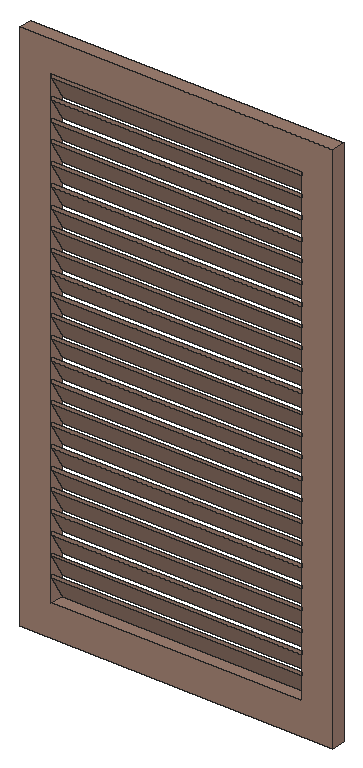
Revit family "Folha_Veneziana_Editar", category Janelas, Revit 2015
Parameters
  Largura das persianas = Largura - 2 * (Largura do caixilho)  # 56 cm
  Largura da veneziana [instance] = 56 cm
  Largura = 70 cm
  Construção analítica = "<Nenhum>"
  Type Comments = ""
  Rough Width = 0 cm
  Caixilho = Janela - Caixilho
  Rough Height = 0 cm
  Espessura da veneziana = 3 cm
  Largura do caixilho = 7 cm
  Número de Venezianas = 24
  Fabricante = "Marco Rocha"
  Veneziana = Janela - Caixilho
  Altura = 120 cm
  Assembly Code = ""
Reference planes (cm)
  plane 1 "Center (Front/Back)": y = 0
  plane 2: z = 0
  plane 3 "Center (Left/Right)": x = 0.5
  plane 4: y = 1.5
  plane 5: y = -1.5
  plane 6: y = 0
  plane 7: z = -60
  plane 8: z = 60
  plane 9: z = 53
  plane 10: z = -53
  plane 11: x = 28.5
  plane 12: x = -27.5
  plane 13: x = -34.5
  plane 14: x = 35.5
Forms (cm)
  Extrusion 1, solid, material "Janela - Caixilho" <- "Caixilho"
    sketch origin (0, 0, -140) x (1, 0, 0) y (0, 0, 1)
      loop
        line (-34.5, 200) -> (-34.5, 80) -> (35.5, 80) -> (35.5, 200) -> (-34.5, 200)
      loop
        line (-27.5, 193) -> (-27.5, 87) -> (28.5, 87) -> (28.5, 193) -> (-27.5, 193)
    from -1.5 to 1.5
Lines and regions (cm)
  Masking region 1, detail levels medium+fine
    outline origin (0, 0, 0) x (1, 0, 0) y (0, 1, 0)
      loop
        line (-34.5, 1.5) -> (-34.5, -1.5) -> (-27.5, -1.5) -> (-27.5, 1.5) -> (-34.5, 1.5)
  Masking region 2, detail levels medium+fine
    outline origin (1, 0, 0) x (0, 1, 0) y (-1, 0, 0)
      loop
        line (1.5, -34.5) -> (1.5, -27.5) -> (-1.5, -27.5) -> (-1.5, -34.5) -> (1.5, -34.5)
  Masking region 3, detail levels coarse
    outline origin (0, 0, 0) x (1, 0, 0) y (0, 1, 0)
      loop
        line (-34.5, 1.5) -> (-34.5, -1.5) -> (35.5, -1.5) -> (35.5, 1.5) -> (-34.5, 1.5)
  Masking region 4, detail levels coarse
    outline origin (0.5, 0, 0) x (0, 1, 0) y (0, 0, 1)
      loop
        line (1.5, 60) -> (-1.5, 60) -> (-1.5, -60) -> (1.5, -60) -> (1.5, 60)
  symbolic lines, style "Windows", detail levels medium+fine
    curve 1: line (-27.5, 1.5, 0) -> (28.5, 1.5, 0)
    curve 2: line (-27.5, -1.5, 0) -> (28.5, -1.5, 0)
  symbolic lines, style "WindowsFrameMullionProjection"
    curve 3: line (0.5, 1.5, 53) -> (0.5, -1.5, 53)
    curve 4: line (0.5, 1.5, -53) -> (0.5, -1.5, -53)
  symbolic lines, style "WindowsFrameMullionProjection", detail levels medium+fine
    curve 5: line (0.5, -1.5, 53) -> (0.5, 1.5, 48)
    curve 6: line (0.5, -1.5, -47.2225) -> (0.5, 1.5, -52.2225)
    curve 7: line (0.5, -1.5, 48.6425) -> (0.5, 1.5, 43.6425)
    curve 8: line (0.5, -1.5, 44.285) -> (0.5, 1.5, 39.285)
    curve 9: line (0.5, -1.5, 39.9275) -> (0.5, 1.5, 34.9275)
    curve 10: line (0.5, -1.5, 35.57) -> (0.5, 1.5, 30.57)
    curve 11: line (0.5, -1.5, 31.2125) -> (0.5, 1.5, 26.2125)
    curve 12: line (0.5, -1.5, 26.855) -> (0.5, 1.5, 21.855)
    curve 13: line (0.5, -1.5, 22.4975) -> (0.5, 1.5, 17.4975)
    curve 14: line (0.5, -1.5, 18.14) -> (0.5, 1.5, 13.14)
    curve 15: line (0.5, -1.5, 13.7825) -> (0.5, 1.5, 8.7825)
    curve 16: line (0.5, -1.5, 9.425) -> (0.5, 1.5, 4.425)
    curve 17: line (0.5, -1.5, 5.0675) -> (0.5, 1.5, 0.0675)
    curve 18: line (0.5, -1.5, 0.71) -> (0.5, 1.5, -4.29)
    curve 19: line (0.5, -1.5, -3.6475) -> (0.5, 1.5, -8.6475)
    curve 20: line (0.5, -1.5, -8.005) -> (0.5, 1.5, -13.005)
    curve 21: line (0.5, -1.5, -12.3625) -> (0.5, 1.5, -17.3625)
    curve 22: line (0.5, -1.5, -16.72) -> (0.5, 1.5, -21.72)
    curve 23: line (0.5, -1.5, -21.0775) -> (0.5, 1.5, -26.0775)
    curve 24: line (0.5, -1.5, -25.435) -> (0.5, 1.5, -30.435)
    curve 25: line (0.5, -1.5, -29.7925) -> (0.5, 1.5, -34.7925)
    curve 26: line (0.5, -1.5, -34.15) -> (0.5, 1.5, -39.15)
    curve 27: line (0.5, -1.5, -38.5075) -> (0.5, 1.5, -43.5075)
    curve 28: line (0.5, -1.5, -42.865) -> (0.5, 1.5, -47.865)
    curve 29: line (0.5, -1.5, 52.2225) -> (0.5, 1.5, 47.2225)
    curve 30: line (0.5, -1.5, -48) -> (0.5, 1.5, -53)
    curve 31: line (0.5, -1.5, 47.865) -> (0.5, 1.5, 42.865)
    curve 32: line (0.5, -1.5, 43.5075) -> (0.5, 1.5, 38.5075)
    curve 33: line (0.5, -1.5, 39.15) -> (0.5, 1.5, 34.15)
    curve 34: line (0.5, -1.5, 34.7925) -> (0.5, 1.5, 29.7925)
    curve 35: line (0.5, -1.5, 30.435) -> (0.5, 1.5, 25.435)
    curve 36: line (0.5, -1.5, 26.0775) -> (0.5, 1.5, 21.0775)
    curve 37: line (0.5, -1.5, 21.72) -> (0.5, 1.5, 16.72)
    curve 38: line (0.5, -1.5, 17.3625) -> (0.5, 1.5, 12.3625)
    curve 39: line (0.5, -1.5, 13.005) -> (0.5, 1.5, 8.005)
    curve 40: line (0.5, -1.5, 8.6475) -> (0.5, 1.5, 3.6475)
    curve 41: line (0.5, -1.5, 4.29) -> (0.5, 1.5, -0.71)
    curve 42: line (0.5, -1.5, -0.0675) -> (0.5, 1.5, -5.0675)
    curve 43: line (0.5, -1.5, -4.425) -> (0.5, 1.5, -9.425)
    curve 44: line (0.5, -1.5, -8.7825) -> (0.5, 1.5, -13.7825)
    curve 45: line (0.5, -1.5, -13.14) -> (0.5, 1.5, -18.14)
    curve 46: line (0.5, -1.5, -17.4975) -> (0.5, 1.5, -22.4975)
    curve 47: line (0.5, -1.5, -21.855) -> (0.5, 1.5, -26.855)
    curve 48: line (0.5, -1.5, -26.2125) -> (0.5, 1.5, -31.2125)
    curve 49: line (0.5, -1.5, -30.57) -> (0.5, 1.5, -35.57)
    curve 50: line (0.5, -1.5, -34.9275) -> (0.5, 1.5, -39.9275)
    curve 51: line (0.5, -1.5, -39.285) -> (0.5, 1.5, -44.285)
    curve 52: line (0.5, -1.5, -43.6425) -> (0.5, 1.5, -48.6425)
Dimensions and locks (cm)
  equal spacing: plane 4, plane 6, plane 5
  "Espessura da veneziana": plane 4 to plane 5
  "Largura do caixilho": plane 8 to plane 9
  "Largura do caixilho": plane 10 to plane 7
  "Altura": plane 8 to plane 7
  equal spacing: plane 11, plane 3 "Center (Left/Right)", plane 12
  "Largura do caixilho": plane 12 to plane 13
  "Largura do caixilho": plane 11 to plane 14
  "Largura": plane 14 to plane 13
  equal spacing: plane 9, plane 2, plane 10
  "Largura da veneziana": plane 12 to plane 11
  equal spacing: group 1, group 3, group 4, group 5, group 6, group 7, group 8, group 9, group 10, group 11, group 12, group 13, group 14, group 15, group 16, group 17, group 18, group 19, group 20, group 21, group 22, group 23, group 24, group 2  (x2)
  equal spacing: group 2, group 24, group 23, group 22, group 21, group 20, group 19, group 18, group 17, group 16, group 15, group 14, group 13, group 12, group 11, group 10, group 9, group 8, group 7, group 6, group 5, group 4, group 3, group 1
  aligned and locked: plane 13 to Extrusion 1 sketch curve
  aligned and locked: plane 12 to Extrusion 1 sketch curve
  aligned and locked: plane 7 to Extrusion 1 sketch curve
  aligned and locked: plane 10 to Extrusion 1 sketch curve
  aligned and locked: Extrusion 1 sketch curve to plane 14
  aligned and locked: plane 11 to Extrusion 1 sketch curve
  aligned and locked: Extrusion 1 sketch curve to plane 8
  aligned and locked: Extrusion 1 sketch curve to plane 9
  aligned and locked: plane 10 to Extrusion 1
  aligned and locked: plane 9 to nested 1
  aligned and locked: plane 4 to Extrusion 1
  aligned and locked: Extrusion 1 to plane 5
  aligned and locked: nested 1 to plane 6
  aligned and locked: plane 6 to plane 1 "Center (Front/Back)"
  aligned and locked: nested 1 to plane 3 "Center (Left/Right)"
  aligned and locked: plane 10 to nested 2
  aligned and locked: Masking region 1 sketch curve to plane 4
  aligned and locked: plane 13 to Masking region 1 sketch curve
  aligned and locked: plane 5 to Masking region 1 sketch curve
  aligned and locked: Masking region 1 sketch curve to plane 12
  aligned and locked: plane 11 to Masking region 2 sketch curve
  aligned and locked: plane 4 to Masking region 2 sketch curve
  aligned and locked: plane 14 to Masking region 2 sketch curve
  aligned and locked: Masking region 2 sketch curve to plane 5
  aligned and locked: plane 12 to curve 1
  aligned and locked: plane 11 to curve 1
  aligned and locked: curve 1 to plane 4
  aligned and locked: plane 12 to curve 2
  aligned and locked: plane 11 to curve 2
  aligned and locked: curve 2 to plane 5
  aligned and locked: Masking region 3 sketch curve to plane 4
  aligned and locked: plane 13 to Masking region 3 sketch curve
  aligned and locked: plane 5 to Masking region 3 sketch curve
  aligned and locked: Masking region 3 sketch curve to plane 14
  aligned and locked: Masking region 4 sketch curve to plane 4
  aligned and locked: Masking region 4 sketch curve to plane 8
  aligned and locked: plane 7 to Masking region 4 sketch curve
  aligned and locked: plane 4 to curve 3
  aligned and locked: plane 5 to curve 3
  aligned and locked: curve 3 to plane 9
  aligned and locked: curve 4 to plane 10
Automatic sketch dimensions
  Masking region 4 sketch curve to plane 5 = 0 cm
  curve 4 to plane 5 = 0 cm
  curve 4 to plane 4 = 0 cm
  curve 5 to curve 29 = 0 cm  (x2)
  curve 29 to curve 29 = 3 cm
  curve 29 to curve 5 = 0.7775 cm  (x2)
  curve 5 to curve 29 = 4.2225 cm
  curve 6 to curve 30 = 0 cm  (x2)
  curve 30 to curve 30 = 3 cm
  curve 30 to curve 6 = 0.7775 cm  (x2)
  curve 6 to curve 30 = 4.2225 cm
  curve 7 to curve 31 = 0 cm  (x2)
  curve 31 to curve 31 = 3 cm
  curve 31 to curve 7 = 0.7775 cm  (x2)
  curve 7 to curve 31 = 4.2225 cm
  curve 8 to curve 32 = 0 cm  (x2)
  curve 32 to curve 32 = 3 cm
  curve 32 to curve 8 = 0.7775 cm  (x2)
  curve 8 to curve 32 = 4.2225 cm
  curve 9 to curve 33 = 0 cm  (x2)
  curve 33 to curve 33 = 3 cm
  curve 33 to curve 9 = 0.7775 cm  (x2)
  curve 9 to curve 33 = 4.2225 cm
  curve 10 to curve 34 = 0 cm  (x2)
  curve 34 to curve 34 = 3 cm
  curve 34 to curve 10 = 0.7775 cm  (x2)
  curve 10 to curve 34 = 4.2225 cm
  curve 11 to curve 35 = 0 cm  (x2)
  curve 35 to curve 35 = 3 cm
  curve 35 to curve 11 = 0.7775 cm  (x2)
  curve 11 to curve 35 = 4.2225 cm
  curve 12 to curve 36 = 0 cm  (x2)
  curve 36 to curve 36 = 3 cm
  curve 36 to curve 12 = 0.7775 cm  (x2)
  curve 12 to curve 36 = 4.2225 cm
  curve 13 to curve 37 = 0 cm  (x2)
  curve 37 to curve 37 = 3 cm
  curve 37 to curve 13 = 0.7775 cm  (x2)
  curve 13 to curve 37 = 4.2225 cm
  curve 14 to curve 38 = 0 cm  (x2)
  curve 38 to curve 38 = 3 cm
  curve 38 to curve 14 = 0.7775 cm  (x2)
  curve 14 to curve 38 = 4.2225 cm
  curve 15 to curve 39 = 0 cm  (x2)
  curve 39 to curve 39 = 3 cm
  curve 39 to curve 15 = 0.7775 cm  (x2)
  curve 15 to curve 39 = 4.2225 cm
  curve 16 to curve 40 = 0 cm  (x2)
  curve 40 to curve 40 = 3 cm
  curve 40 to curve 16 = 0.7775 cm  (x2)
  curve 16 to curve 40 = 4.2225 cm
  curve 17 to curve 41 = 0 cm  (x2)
  curve 41 to curve 41 = 3 cm
  curve 41 to curve 17 = 0.7775 cm  (x2)
  curve 17 to curve 41 = 4.2225 cm
  curve 18 to curve 42 = 0 cm  (x2)
  curve 42 to curve 42 = 3 cm
  curve 42 to curve 18 = 0.7775 cm  (x2)
  curve 18 to curve 42 = 4.2225 cm
  curve 19 to curve 43 = 0 cm  (x2)
  curve 43 to curve 43 = 3 cm
  curve 43 to curve 19 = 0.7775 cm  (x2)
  curve 19 to curve 43 = 4.2225 cm
  curve 20 to curve 44 = 0 cm  (x2)
  curve 44 to curve 44 = 3 cm
  curve 44 to curve 20 = 0.7775 cm  (x2)
  curve 20 to curve 44 = 4.2225 cm
  curve 21 to curve 45 = 0 cm  (x2)
  curve 45 to curve 45 = 3 cm
  curve 45 to curve 21 = 0.7775 cm  (x2)
  curve 21 to curve 45 = 4.2225 cm
  curve 22 to curve 46 = 0 cm  (x2)
  curve 46 to curve 46 = 3 cm
  curve 46 to curve 22 = 0.7775 cm  (x2)
  curve 22 to curve 46 = 4.2225 cm
  curve 23 to curve 47 = 0 cm  (x2)
  curve 47 to curve 47 = 3 cm
  curve 47 to curve 23 = 0.7775 cm  (x2)
  curve 23 to curve 47 = 4.2225 cm
  curve 24 to curve 48 = 0 cm  (x2)
  curve 48 to curve 48 = 3 cm
  curve 48 to curve 24 = 0.7775 cm  (x2)
  curve 24 to curve 48 = 4.2225 cm
  curve 25 to curve 49 = 0 cm  (x2)
  curve 49 to curve 49 = 3 cm
  curve 49 to curve 25 = 0.7775 cm  (x2)
  curve 25 to curve 49 = 4.2225 cm
  curve 26 to curve 50 = 0 cm  (x2)
  curve 50 to curve 50 = 3 cm
  curve 50 to curve 26 = 0.7775 cm  (x2)
  curve 26 to curve 50 = 4.2225 cm
  curve 27 to curve 51 = 0 cm  (x2)
  curve 51 to curve 51 = 3 cm
  curve 51 to curve 27 = 0.7775 cm  (x2)
  curve 27 to curve 51 = 4.2225 cm
  curve 28 to curve 52 = 0 cm  (x2)
  curve 52 to curve 52 = 3 cm
  curve 52 to curve 28 = 0.7775 cm  (x2)
  curve 28 to curve 52 = 4.2225 cm
Nested families (cm)
  nested 1: "Persiana" at (88, 0, 48), type "Persiana"
  nested 2: "Persiana" at (88, 0, -52.2225), type "Persiana"
  nested 3: "Persiana" at (88, 0, 43.6425), type "Persiana"
  nested 4: "Persiana" at (88, 0, 39.285), type "Persiana"
  nested 5: "Persiana" at (88, 0, 34.9275), type "Persiana"
  nested 6: "Persiana" at (88, 0, 30.57), type "Persiana"
  nested 7: "Persiana" at (88, 0, 26.2125), type "Persiana"
  nested 8: "Persiana" at (88, 0, 21.855), type "Persiana"
  nested 9: "Persiana" at (88, 0, 17.4975), type "Persiana"
  nested 10: "Persiana" at (88, 0, 13.14), type "Persiana"
  nested 11: "Persiana" at (88, 0, 8.7825), type "Persiana"
  nested 12: "Persiana" at (88, 0, 4.425), type "Persiana"
  nested 13: "Persiana" at (88, 0, 0.0675), type "Persiana"
  nested 14: "Persiana" at (88, 0, -4.29), type "Persiana"
  nested 15: "Persiana" at (88, 0, -8.6475), type "Persiana"
  nested 16: "Persiana" at (88, 0, -13.005), type "Persiana"
  nested 17: "Persiana" at (88, 0, -17.3625), type "Persiana"
  nested 18: "Persiana" at (88, 0, -21.72), type "Persiana"
  nested 19: "Persiana" at (88, 0, -26.0775), type "Persiana"
  nested 20: "Persiana" at (88, 0, -30.435), type "Persiana"
  nested 21: "Persiana" at (88, 0, -34.7925), type "Persiana"
  nested 22: "Persiana" at (88, 0, -39.15), type "Persiana"
  nested 23: "Persiana" at (88, 0, -43.5075), type "Persiana"
  nested 24: "Persiana" at (88, 0, -47.865), type "Persiana"
Definition of nested family "Persiana"
  Parameters (values of type "Persiana")
    Width = 56 cm
    Espessura da persiana = 3 cm
    Analytic Construction = "<Nenhum>"
    Type Comments = "100% Parametrica"
    Manufacturer = "CESARITA"
    Persiana = none
    Height = 5 cm
    Assembly Code = ""
  Reference planes (cm)
    plane 1 "Center (Front/Back)": y = 0
    plane 2: z = 0
    plane 3 "Center (Left/Right)": x = -87.5
    plane 4: y = 1.5
    plane 5: y = -1.5
    plane 6 "Esquerda - Lamela": x = -115.5
    plane 7 "Direita - Lamela": x = -59.5
    plane 8: z = 5
    plane 9: x = -87.5
  Forms (cm)
    Extrusion 1, solid, material <- "Persiana"
      sketch origin (-87.5, 0, 0) x (0, 1, 0) y (0, 0, 1)
        loop
          line (-1.5, 5) -> (-1.5, 4.2225) -> (1.5, -0.7775) -> (1.5, 0) -> (-1.5, 5)
      from -28 to 28
  Dimensions and locks (cm)
    "Width": plane 7 "Direita - Lamela" to plane 6 "Esquerda - Lamela"
    equal spacing: plane 7 "Direita - Lamela", plane 3 "Center (Left/Right)", plane 6 "Esquerda - Lamela"
    "Height": plane 8 to level
    equal spacing: plane 6 "Esquerda - Lamela", plane 9, plane 7 "Direita - Lamela"
    plane 6 "Esquerda - Lamela" to plane 7 "Direita - Lamela" = 56 cm
    equal spacing: plane 4, plane 1 "Center (Front/Back)", plane 5
    "Espessura da persiana": plane 4 to plane 5
    aligned and locked: plane 7 "Direita - Lamela" to Extrusion 1
    aligned and locked: Extrusion 1 to plane 6 "Esquerda - Lamela"
    aligned and locked: plane 5 to Extrusion 1 sketch curve
    aligned and locked: plane 4 to Extrusion 1 sketch curve
    aligned and locked: level to Extrusion 1 sketch curve
  Automatic sketch dimensions
    Extrusion 1 sketch curve to Extrusion 1 sketch curve = 0.7775 cm  (x2)
    Extrusion 1 sketch curve to plane 8 = 0 cm
